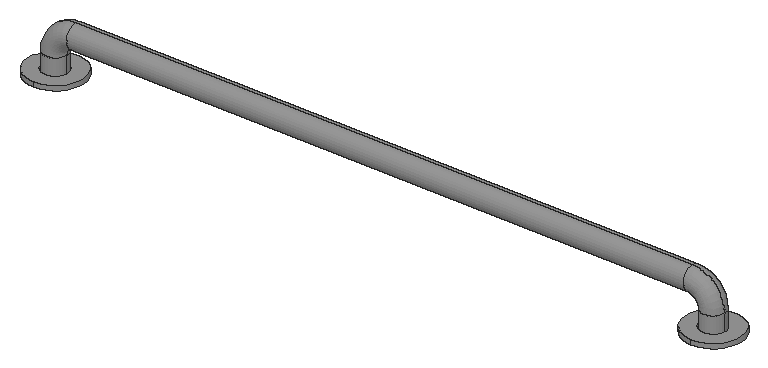
Revit family "UNSHARED_Seqm-Grab Bar", category Specialty Equipment, Revit 2020
Family settings
  Round Connector Dimension = Use Diameter
  Part Type = Normal
  Work Plane-Based = Yes
  Always vertical = No
  Cut with Voids When Loaded = No
  Shared = Yes
  Room Calculation Point = No
Parameters (values of type "36"")
  Spec Number = "10 28 00"
  Spec Description = "36\" GRAB BAR"
  Length = 3' - 0"
  Grab Bar Material = GRAB BARS - AT ADA RESTROOMS ONLY
  Default Elevation = 4' - 0"
Types (3): name | Spec Description | Length
  36" | "36\" GRAB BAR" | 3' - 0"
  18" | "18\" GRAB BAR" | 1' - 6"
  42" | "42\" GRAB BAR" | 3' - 6"
Reference planes (in)
  plane 1 "Center (Front/Back)": y = 0
  plane 2: z = 0
  plane 3 "Center (Left/Right)": x = 0
  plane 4: x = 36
  plane 5: x = 36
  plane 6: x = 0
  plane 7: y = 54
Forms (in)
  Sweep 1, solid, material "GRAB BARS - AT ADA RESTROOMS ONLY" <- "Grab Bar Material"
    path origin (54, 0, 48.54778) x (0, 0, 1) y (-1, 0, 0)
      loop
        line (-48.54778, 18) -> (-47.42278, 18)
        arc (-47.42278, 18) -> (-46.62728, 18.3295) -> (-46.29778, 19.125) r 1.125
        line (-46.29778, 19.125) -> (-46.29778, 52.875)
        arc (-46.29778, 52.875) -> (-46.62728, 53.6705) -> (-47.42278, 54) r 1.125
        line (-47.42278, 54) -> (-48.54778, 54)
    profile origin (36, 0, 0.5625) x (-1, 0, 0) y (0, -1, 0)
      loop
        circle (0, 0) r 0.625
  Extrusion 2, solid, material "GRAB BARS - AT ADA RESTROOMS ONLY" <- "Grab Bar Material"
    sketch origin (30, 34, 0) x (-1, 0, 0) y (0, -1, 0)
      loop
        arc (30, 34.6875) -> (29.51386, 33.51386) -> (30.6875, 34) r 0.6875
        arc (30.6875, 34) -> (30.48614, 34.48614) -> (30, 34.6875) r 0.6875
      loop
        arc (30, 35.5) -> (28.93934, 32.93934) -> (31.5, 34) r 1.5
        arc (31.5, 34) -> (31.06066, 35.06066) -> (30, 35.5) r 1.5
    from 0 to 0.25
  Extrusion 3, solid, material "GRAB BARS - AT ADA RESTROOMS ONLY" <- "Grab Bar Material"
    sketch origin (66, 34, 0) x (-1, 0, 0) y (0, -1, 0)
      loop
        arc (30, 34.6875) -> (29.51386, 33.51386) -> (30.6875, 34) r 0.6875
        arc (30.6875, 34) -> (30.48614, 34.48614) -> (30, 34.6875) r 0.6875
      loop
        arc (30, 35.5) -> (28.93934, 32.93934) -> (31.5, 34) r 1.5
        arc (31.5, 34) -> (31.06066, 35.06066) -> (30, 35.5) r 1.5
    from 0 to 0.25
  Extrusion 4, solid, material "GRAB BARS - AT ADA RESTROOMS ONLY" <- "Grab Bar Material", not visible
    sketch origin (-18, 24, 2) x (0, 1, 0) y (0, 0, 1)
      loop
        arc (30, 34.6875) -> (29.51386, 33.51386) -> (30.6875, 34) r 0.6875
        arc (30.6875, 34) -> (30.48614, 34.48614) -> (30, 34.6875) r 0.6875
      loop
        arc (30, 35.5) -> (28.93934, 32.93934) -> (31.5, 34) r 1.5
        arc (31.5, 34) -> (31.06066, 35.06066) -> (30, 35.5) r 1.5
    from 0 to 0.25
Dimensions and locks (in)
  "Length": plane 3 "Center (Left/Right)" to plane 4
  aligned and locked: level to plane 2
  aligned and locked: plane 5 to plane 4
Automatic sketch dimensions
  Sweep 1 sketch curve to level = 0' - 0"  (x2)
  Sweep 1 sketch curve to plane 3 "Center (Left/Right)" = 0' - 0"
  Sweep 1 sketch curve to plane 4 = 0' - 0"
  level to Sweep 1 sketch curve = 0' - 1 1/8"
  Sweep 1 sketch curve to Sweep 1 sketch curve = 0' - 1 1/8"
  plane 3 "Center (Left/Right)" to Sweep 1 sketch curve = 0' - 1 1/8"
  Sweep 1 sketch curve to profile plane = 0' - 0"
  profile plane to Sweep 1 sketch curve = 0' - 0"
  radius of Sweep 1 sketch curve = 0' - 0 5/8"
